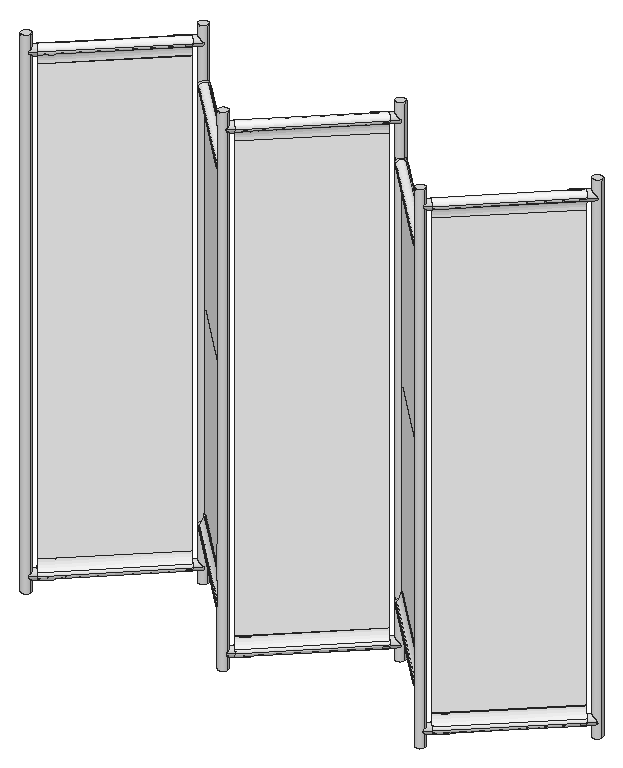
Revit family "Ceiba Screen", category Arredi, Revit 2015
Parameters (values of type "Incordata")
  Visibilità Bottoni = no
  URL = "http://www.livingdivani.it"
  Modello = "Ceiba Screen"
  Mat. Struttura = Steel, Polished
  Mat. Tessuto = Tessuto Incordato
  Mat. Bottoni = Liscia - Grigio chiaro
  Produttore = "LivingDivani"
  Codice Prodotto = "CEIP166S"
Types (3, lengths in cm): name | Visibilità Bottoni | Mat. Tessuto
  (no name) | no | Tessuto Incordato
  Stoffa | yes | Linen, Beige
  Incordata | no | Tessuto Incordato
Reference planes (cm)
  plane 1 "Centro (Fronte/Retro)": y = 0
  plane 2: z = 0
  plane 3 "Centro (Sinistra/Destra)": x = 0
  plane 4 "1diagonale": through (-32.5269, 14.1526, 120) normal (0.7071, -0.7071, 0)
  plane 5 "3diagonale": through (23, 4.6257, 120) normal (0.7071, -0.7071, 0)
  plane 6 "5diagonale": through (55.5269, -27.9012, 120) normal (0.7071, -0.7071, 0)
  plane 7 "2diagonale": through (-32.5269, 14.1526, 120) normal (0.7071, 0.7071, 0)
  plane 8 "4diagonale": through (32.5269, 14.1526, 120) normal (0.7071, 0.7071, 0)
  plane 9: z = 165
  plane 10: z = 82.5
  plane 11 "piano stoffa": through (-77.4309, -30.94, 156.2699) normal (-0.6892, 0.6892, 0.2237)
Forms (cm)
  Extrusion 1, solid, material "Steel, Polished" <- "Mat. Struttura"
    sketch origin (-27.3331, 114.5589, 0) x (1, 0, 0) y (0, 1, 0)
      loop
        circle (-5.1938, -100.4063) r 1.5
    from 0 to 165
  Extrusion 2, solid, material "Steel, Polished" <- "Mat. Struttura"
    sketch origin (-59.86, 82.032, 0) x (1, 0, 0) y (0, 1, 0)
      loop
        circle (-5.1938, -100.4063) r 1.5
    from 0 to 165
  Extrusion 3, solid, material "Steel, Polished" <- "Mat. Struttura"
    sketch origin (-43.0458, -61.42, 0) x (-0.707107, 0.707107, 0) y (0, 0, 1)
      loop
        circle (0, 5) r 1.5
    from 60.8759 to 106.8759
  Extrusion 4, solid, material "Steel, Polished" <- "Mat. Struttura"
    sketch origin (-5.1938, 82.032, 0) x (-1, 0, 0) y (0, -1, 0)
      loop
        circle (-5.1938, 100.4063) r 1.5
    from 0 to 165
  Extrusion 5, solid, material "Steel, Polished" <- "Mat. Struttura"
    sketch origin (27.3331, 114.5589, 0) x (-1, 0, 0) y (0, -1, 0)
      loop
        circle (-5.1938, 100.4063) r 1.5
    from 0 to 165
  Extrusion 6, solid, material "Steel, Polished" <- "Mat. Struttura"
    sketch origin (70.2476, 82.032, 0) x (1, 0, 0) y (0, 1, 0)
      loop
        circle (-5.1938, -100.4063) r 1.5
    from 0 to 165
  Extrusion 7, solid, material "Steel, Polished" <- "Mat. Struttura"
    sketch origin (-108.0996, -61.42, 0) x (-0.707107, 0.707107, 0) y (0, 0, 1)
      loop
        circle (0, 5) r 1.5
    from 60.8759 to 106.8759
  Extrusion 8, solid, material "Steel, Polished" <- "Mat. Struttura"
    sketch origin (22.0081, -61.42, 0) x (-0.707107, 0.707107, 0) y (0, 0, 1)
      loop
        circle (0, 5) r 1.5
    from 60.8759 to 106.8759
  Extrusion 9, solid, material "Steel, Polished" <- "Mat. Struttura"
    sketch origin (102.7746, 114.5589, 0) x (1, 0, 0) y (0, 1, 0)
      loop
        circle (-5.1938, -100.4063) r 1.5
    from 0 to 165
  Extrusion 10, solid, material "Steel, Polished" <- "Mat. Struttura"
    sketch origin (-10.5189, 57.1984, 152.5) x (0.707107, 0.707107, 0) y (0, 0, 1)
      loop
        circle (0, -5) r 1.5
    from 60.8759 to 106.8759
  Extrusion 11, solid, material "Steel, Polished" <- "Mat. Struttura"
    sketch origin (-75.5727, 57.1984, 152.5) x (0.707107, 0.707107, 0) y (0, 0, 1)
      loop
        circle (0, -5) r 1.5
    from 60.8759 to 106.8759
  Extrusion 12, solid, material "Steel, Polished" <- "Mat. Struttura"
    sketch origin (-43.0458, -61.42, 165) x (-0.707107, 0.707107, 0) y (0, 0, 1)
      loop
        circle (0, -5) r 1.5
    from 60.8759 to 106.8759
  Extrusion 13, solid, material "Steel, Polished" <- "Mat. Struttura"
    sketch origin (-108.0996, -61.42, 165) x (-0.707107, 0.707107, 0) y (0, 0, 1)
      loop
        circle (0, -5) r 1.5
    from 60.8759 to 106.8759
  Extrusion 14, solid, material "Steel, Polished" <- "Mat. Struttura"
    sketch origin (22.0081, -61.42, 165) x (-0.707107, 0.707107, 0) y (0, 0, 1)
      loop
        circle (0, -5) r 1.5
    from 60.8759 to 106.8759
  Extrusion 15, solid, material "Steel, Polished" <- "Mat. Struttura"
    sketch origin (-10.5189, 57.1984, 12.5) x (0.707107, 0.707107, 0) y (0, 0, 1)
      loop
        circle (0, 5) r 1.5
    from 60.8759 to 106.8759
  Extrusion 16, solid, material "Tessuto Incordato" <- "Mat. Tessuto"
    sketch origin (-9.1871, -9.1871, 0) x (-0.707107, 0.707107, 0) y (0, 0, 1)
      loop
        arc (34.5074, 160) -> (34.4248, 159.509) -> (34.186, 159.0721) r 1.5
        arc (34.186, 159.0721) -> (33.3104, 157.4702) -> (33.0074, 155.6699) r 5.5
        line (33.0074, 155.6699) -> (33.0074, 9.3301)
        arc (33.0074, 9.3301) -> (33.3104, 7.5298) -> (34.186, 5.9279) r 5.5
        arc (34.186, 5.9279) -> (34.4248, 5.491) -> (34.5074, 5) r 1.5
        arc (34.5074, 5) -> (33.0074, 3.5) -> (31.5074, 5) r 1.5
        arc (31.5074, 5) -> (31.5901, 5.491) -> (31.8289, 5.9279) r 1.5
        arc (31.8289, 5.9279) -> (32.6879, 7.4827) -> (33.0065, 9.2301) r 5.5
        line (33.0065, 9.2301) -> (32.9065, 9.2301)
        arc (32.9065, 9.2301) -> (32.5934, 7.5154) -> (31.7503, 5.9897) r 5.4
        arc (31.7503, 5.9897) -> (31.4956, 5.5237) -> (31.4074, 5) r 1.6
        arc (31.4074, 5) -> (33.0074, 3.4) -> (34.6074, 5) r 1.6
        arc (34.6074, 5) -> (34.5193, 5.5237) -> (34.2646, 5.9897) r 1.6
        arc (34.2646, 5.9897) -> (33.4049, 7.5626) -> (33.1074, 9.3301) r 5.4
        line (33.1074, 9.3301) -> (33.1074, 82.5) -> (33.1074, 155.6699)
        arc (33.1074, 155.6699) -> (33.4049, 157.4374) -> (34.2646, 159.0103) r 5.4
        arc (34.2646, 159.0103) -> (34.5193, 159.4763) -> (34.6074, 160) r 1.6
        arc (34.6074, 160) -> (33.0074, 161.6) -> (31.4074, 160) r 1.6
        arc (31.4074, 160) -> (31.4956, 159.4763) -> (31.7503, 159.0103) r 1.6
        arc (31.7503, 159.0103) -> (32.5934, 157.4846) -> (32.9065, 155.7699) r 5.4
        line (32.9065, 155.7699) -> (33.0065, 155.7699)
        arc (33.0065, 155.7699) -> (32.6879, 157.5173) -> (31.8289, 159.0721) r 5.5
        arc (31.8289, 159.0721) -> (31.5901, 159.509) -> (31.5074, 160) r 1.5
        arc (31.5074, 160) -> (33.0074, 161.5) -> (34.5074, 160) r 1.5
    from -43 to -3
  Extrusion 17, solid, material "Tessuto Incordato" <- "Mat. Tessuto"
    sketch origin (-9.1871, -9.1871, 0) x (-0.707107, 0.707107, 0) y (0, 0, 1)
      loop
        arc (-11.4926, 160) -> (-11.5752, 159.509) -> (-11.814, 159.0721) r 1.5
        arc (-11.814, 159.0721) -> (-12.6896, 157.4702) -> (-12.9926, 155.6699) r 5.5
        line (-12.9926, 155.6699) -> (-12.9926, 9.3301)
        arc (-12.9926, 9.3301) -> (-12.6896, 7.5298) -> (-11.814, 5.9279) r 5.5
        arc (-11.814, 5.9279) -> (-11.5752, 5.491) -> (-11.4926, 5) r 1.5
        arc (-11.4926, 5) -> (-12.9926, 3.5) -> (-14.4926, 5) r 1.5
        arc (-14.4926, 5) -> (-14.4099, 5.491) -> (-14.1711, 5.9279) r 1.5
        arc (-14.1711, 5.9279) -> (-13.3121, 7.4827) -> (-12.9935, 9.2301) r 5.5
        line (-12.9935, 9.2301) -> (-13.0935, 9.2301)
        arc (-13.0935, 9.2301) -> (-13.4066, 7.5154) -> (-14.2497, 5.9897) r 5.4
        arc (-14.2497, 5.9897) -> (-14.5044, 5.5237) -> (-14.5926, 5) r 1.6
        arc (-14.5926, 5) -> (-12.9926, 3.4) -> (-11.3926, 5) r 1.6
        arc (-11.3926, 5) -> (-11.4807, 5.5237) -> (-11.7354, 5.9897) r 1.6
        arc (-11.7354, 5.9897) -> (-12.5951, 7.5626) -> (-12.8926, 9.3301) r 5.4
        line (-12.8926, 9.3301) -> (-12.8926, 82.5) -> (-12.8926, 155.6699)
        arc (-12.8926, 155.6699) -> (-12.5951, 157.4374) -> (-11.7354, 159.0103) r 5.4
        arc (-11.7354, 159.0103) -> (-11.4807, 159.4763) -> (-11.3926, 160) r 1.6
        arc (-11.3926, 160) -> (-12.9926, 161.6) -> (-14.5926, 160) r 1.6
        arc (-14.5926, 160) -> (-14.5044, 159.4763) -> (-14.2497, 159.0103) r 1.6
        arc (-14.2497, 159.0103) -> (-13.4066, 157.4846) -> (-13.0935, 155.7699) r 5.4
        line (-13.0935, 155.7699) -> (-12.9935, 155.7699)
        arc (-12.9935, 155.7699) -> (-13.3121, 157.5173) -> (-14.1711, 159.0721) r 5.5
        arc (-14.1711, 159.0721) -> (-14.4099, 159.509) -> (-14.4926, 160) r 1.5
        arc (-14.4926, 160) -> (-12.9926, 161.5) -> (-11.4926, 160) r 1.5
    from 3 to 43
  Extrusion 18, solid, material "Tessuto Incordato" <- "Mat. Tessuto"
    sketch origin (23.3398, 23.3398, 0) x (-0.707107, 0.707107, 0) y (0, 0, 1)
      loop
        arc (-57.4926, 160) -> (-57.5752, 159.509) -> (-57.814, 159.0721) r 1.5
        arc (-57.814, 159.0721) -> (-58.6896, 157.4702) -> (-58.9926, 155.6699) r 5.5
        line (-58.9926, 155.6699) -> (-58.9926, 9.3301)
        arc (-58.9926, 9.3301) -> (-58.6896, 7.5298) -> (-57.814, 5.9279) r 5.5
        arc (-57.814, 5.9279) -> (-57.5752, 5.491) -> (-57.4926, 5) r 1.5
        arc (-57.4926, 5) -> (-58.9926, 3.5) -> (-60.4926, 5) r 1.5
        arc (-60.4926, 5) -> (-60.4099, 5.491) -> (-60.1711, 5.9279) r 1.5
        arc (-60.1711, 5.9279) -> (-59.3121, 7.4827) -> (-58.9935, 9.2301) r 5.5
        line (-58.9935, 9.2301) -> (-59.0935, 9.2301)
        arc (-59.0935, 9.2301) -> (-59.4066, 7.5154) -> (-60.2497, 5.9897) r 5.4
        arc (-60.2497, 5.9897) -> (-60.5044, 5.5237) -> (-60.5926, 5) r 1.6
        arc (-60.5926, 5) -> (-58.9926, 3.4) -> (-57.3926, 5) r 1.6
        arc (-57.3926, 5) -> (-57.4807, 5.5237) -> (-57.7354, 5.9897) r 1.6
        arc (-57.7354, 5.9897) -> (-58.5951, 7.5626) -> (-58.8926, 9.3301) r 5.4
        line (-58.8926, 9.3301) -> (-58.8926, 82.5) -> (-58.8926, 155.6699)
        arc (-58.8926, 155.6699) -> (-58.5951, 157.4374) -> (-57.7354, 159.0103) r 5.4
        arc (-57.7354, 159.0103) -> (-57.4807, 159.4763) -> (-57.3926, 160) r 1.6
        arc (-57.3926, 160) -> (-58.9926, 161.6) -> (-60.5926, 160) r 1.6
        arc (-60.5926, 160) -> (-60.5044, 159.4763) -> (-60.2497, 159.0103) r 1.6
        arc (-60.2497, 159.0103) -> (-59.4066, 157.4846) -> (-59.0935, 155.7699) r 5.4
        line (-59.0935, 155.7699) -> (-58.9935, 155.7699)
        arc (-58.9935, 155.7699) -> (-59.3121, 157.5173) -> (-60.1711, 159.0721) r 5.5
        arc (-60.1711, 159.0721) -> (-60.4099, 159.509) -> (-60.4926, 160) r 1.5
        arc (-60.4926, 160) -> (-58.9926, 161.5) -> (-57.4926, 160) r 1.5
    from 3 to 43
  Extrusion 19, solid, material "Steel, Polished" <- "Mat. Struttura"
    sketch origin (-75.5727, 57.1984, 12.5) x (0.707107, 0.707107, 0) y (0, 0, 1)
      loop
        circle (0, 5) r 1.5
    from 60.8759 to 106.8759
  Extrusion 20, solid, material "Tessuto Incordato" <- "Mat. Tessuto"
    sketch origin (-23.3398, 23.3398, 0) x (0.707107, 0.707107, 0) y (0, 0, 1)
      loop
        arc (-11.4926, 147.5) -> (-11.5752, 147.009) -> (-11.814, 146.5721) r 1.5
        arc (-11.814, 146.5721) -> (-12.6896, 144.9702) -> (-12.9926, 143.1699) r 5.5
        line (-12.9926, 143.1699) -> (-12.9926, 82.5) -> (-12.9926, 21.8301)
        arc (-12.9926, 21.8301) -> (-12.6896, 20.0298) -> (-11.814, 18.4279) r 5.5
        arc (-11.814, 18.4279) -> (-11.5752, 17.991) -> (-11.4926, 17.5) r 1.5
        arc (-11.4926, 17.5) -> (-12.9926, 16) -> (-14.4926, 17.5) r 1.5
        arc (-14.4926, 17.5) -> (-14.4099, 17.991) -> (-14.1711, 18.4279) r 1.5
        arc (-14.1711, 18.4279) -> (-13.3121, 19.9827) -> (-12.9935, 21.7301) r 5.5
        line (-12.9935, 21.7301) -> (-13.0935, 21.7301)
        arc (-13.0935, 21.7301) -> (-13.4066, 20.0154) -> (-14.2497, 18.4897) r 5.4
        arc (-14.2497, 18.4897) -> (-14.5044, 18.0237) -> (-14.5926, 17.5) r 1.6
        arc (-14.5926, 17.5) -> (-12.9926, 15.9) -> (-11.3926, 17.5) r 1.6
        arc (-11.3926, 17.5) -> (-11.4807, 18.0237) -> (-11.7354, 18.4897) r 1.6
        arc (-11.7354, 18.4897) -> (-12.5951, 20.0626) -> (-12.8926, 21.8301) r 5.4
        line (-12.8926, 21.8301) -> (-12.8926, 82.5) -> (-12.8926, 143.1699)
        arc (-12.8926, 143.1699) -> (-12.5951, 144.9374) -> (-11.7354, 146.5103) r 5.4
        arc (-11.7354, 146.5103) -> (-11.4807, 146.9763) -> (-11.3926, 147.5) r 1.6
        arc (-11.3926, 147.5) -> (-12.9926, 149.1) -> (-14.5926, 147.5) r 1.6
        arc (-14.5926, 147.5) -> (-14.5044, 146.9763) -> (-14.2497, 146.5103) r 1.6
        arc (-14.2497, 146.5103) -> (-13.4066, 144.9846) -> (-13.0935, 143.2699) r 5.4
        line (-13.0935, 143.2699) -> (-12.9935, 143.2699)
        arc (-12.9935, 143.2699) -> (-13.3121, 145.0173) -> (-14.1711, 146.5721) r 5.5
        arc (-14.1711, 146.5721) -> (-14.4099, 147.009) -> (-14.4926, 147.5) r 1.5
        arc (-14.4926, 147.5) -> (-12.9926, 149) -> (-11.4926, 147.5) r 1.5
    from 3 to 43
  Extrusion 21, solid, material "Liscia - Grigio chiaro" <- "Mat. Bottoni", visible <- "Visibilità Bottoni"
    sketch origin (-44.293, 48.0524, 14.9856) x (-0.158166, 0.158166, -0.974663) y (-0.707107, -0.707107, 0)
      loop
        circle (-145.5625, 51.3509) r 0.6
    from -0.1 to 0
  Extrusion 22, solid, material "Liscia - Grigio chiaro" <- "Mat. Bottoni", visible <- "Visibilità Bottoni"
    sketch origin (-38.0704, 54.275, 14.9856) x (-0.158166, 0.158166, -0.974663) y (-0.707107, -0.707107, 0)
      loop
        circle (-145.5625, 51.3509) r 0.6
    from -0.1 to 0
  Extrusion 23, solid, material "Liscia - Grigio chiaro" <- "Mat. Bottoni", visible <- "Visibilità Bottoni"
    sketch origin (-31.8479, 60.4975, 14.9856) x (-0.158166, 0.158166, -0.974663) y (-0.707107, -0.707107, 0)
      loop
        circle (-145.5625, 51.3509) r 0.6
    from -0.1 to 0
  Extrusion 24, solid, material "Liscia - Grigio chiaro" <- "Mat. Bottoni", visible <- "Visibilità Bottoni"
    sketch origin (-25.6253, 66.7201, 14.9856) x (-0.158166, 0.158166, -0.974663) y (-0.707107, -0.707107, 0)
      loop
        circle (-145.5625, 51.3509) r 0.6
    from -0.1 to 0
  Extrusion 25, solid, material "Liscia - Grigio chiaro" <- "Mat. Bottoni", visible <- "Visibilità Bottoni"
    sketch origin (-44.293, 48.0524, 150.0144) x (-0.158166, 0.158166, 0.974663) y (0.707107, 0.707107, 0)
      loop
        circle (-145.5625, -51.3509) r 0.6
    from -0.1 to 0
  Extrusion 26, solid, material "Liscia - Grigio chiaro" <- "Mat. Bottoni", visible <- "Visibilità Bottoni"
    sketch origin (-38.0704, 54.275, 150.0144) x (-0.158166, 0.158166, 0.974663) y (0.707107, 0.707107, 0)
      loop
        circle (-145.5625, -51.3509) r 0.6
    from -0.1 to 0
  Extrusion 27, solid, material "Liscia - Grigio chiaro" <- "Mat. Bottoni", visible <- "Visibilità Bottoni"
    sketch origin (-31.8479, 60.4975, 150.0144) x (-0.158166, 0.158166, 0.974663) y (0.707107, 0.707107, 0)
      loop
        circle (-145.5625, -51.3509) r 0.6
    from -0.1 to 0
  Extrusion 28, solid, material "Liscia - Grigio chiaro" <- "Mat. Bottoni", visible <- "Visibilità Bottoni"
    sketch origin (-25.6253, 66.7201, 150.0144) x (-0.158166, 0.158166, 0.974663) y (0.707107, 0.707107, 0)
      loop
        circle (-145.5625, -51.3509) r 0.6
    from -0.1 to 0
  Extrusion 29, solid, material "Liscia - Grigio chiaro" <- "Mat. Bottoni", visible <- "Visibilità Bottoni"
    sketch origin (20.7609, 48.0524, 150.0144) x (-0.158166, 0.158166, 0.974663) y (0.707107, 0.707107, 0)
      loop
        circle (-145.5625, -51.3509) r 0.6
    from -0.1 to 0
  Extrusion 30, solid, material "Liscia - Grigio chiaro" <- "Mat. Bottoni", visible <- "Visibilità Bottoni"
    sketch origin (26.9834, 54.275, 150.0144) x (-0.158166, 0.158166, 0.974663) y (0.707107, 0.707107, 0)
      loop
        circle (-145.5625, -51.3509) r 0.6
    from -0.1 to 0
  Extrusion 31, solid, material "Liscia - Grigio chiaro" <- "Mat. Bottoni", visible <- "Visibilità Bottoni"
    sketch origin (33.2059, 60.4975, 150.0144) x (-0.158166, 0.158166, 0.974663) y (0.707107, 0.707107, 0)
      loop
        circle (-145.5625, -51.3509) r 0.6
    from -0.1 to 0
  Extrusion 32, solid, material "Liscia - Grigio chiaro" <- "Mat. Bottoni", visible <- "Visibilità Bottoni"
    sketch origin (39.4285, 66.7201, 150.0144) x (-0.158166, 0.158166, 0.974663) y (0.707107, 0.707107, 0)
      loop
        circle (-145.5625, -51.3509) r 0.6
    from -0.1 to 0
  Extrusion 33, solid, material "Liscia - Grigio chiaro" <- "Mat. Bottoni", visible <- "Visibilità Bottoni"
    sketch origin (20.7609, 48.0524, 14.9856) x (-0.158166, 0.158166, -0.974663) y (-0.707107, -0.707107, 0)
      loop
        circle (-145.5625, 51.3509) r 0.6
    from -0.1 to 0
  Extrusion 34, solid, material "Liscia - Grigio chiaro" <- "Mat. Bottoni", visible <- "Visibilità Bottoni"
    sketch origin (26.9834, 54.275, 14.9856) x (-0.158166, 0.158166, -0.974663) y (-0.707107, -0.707107, 0)
      loop
        circle (-145.5625, 51.3509) r 0.6
    from -0.1 to 0
  Extrusion 35, solid, material "Liscia - Grigio chiaro" <- "Mat. Bottoni", visible <- "Visibilità Bottoni"
    sketch origin (33.2059, 60.4975, 14.9856) x (-0.158166, 0.158166, -0.974663) y (-0.707107, -0.707107, 0)
      loop
        circle (-145.5625, 51.3509) r 0.6
    from -0.1 to 0
  Extrusion 36, solid, material "Liscia - Grigio chiaro" <- "Mat. Bottoni", visible <- "Visibilità Bottoni"
    sketch origin (39.4285, 66.7201, 14.9856) x (-0.158166, 0.158166, -0.974663) y (-0.707107, -0.707107, 0)
      loop
        circle (-145.5625, 51.3509) r 0.6
    from -0.1 to 0
  Extrusion 37, solid, material "Liscia - Grigio chiaro" <- "Mat. Bottoni", visible <- "Visibilità Bottoni"
    sketch origin (85.8147, 48.0524, 150.0144) x (-0.158166, 0.158166, 0.974663) y (0.707107, 0.707107, 0)
      loop
        circle (-145.5625, -51.3509) r 0.6
    from -0.1 to 0
  Extrusion 38, solid, material "Liscia - Grigio chiaro" <- "Mat. Bottoni", visible <- "Visibilità Bottoni"
    sketch origin (92.0372, 54.275, 150.0144) x (-0.158166, 0.158166, 0.974663) y (0.707107, 0.707107, 0)
      loop
        circle (-145.5625, -51.3509) r 0.6
    from -0.1 to 0
  Extrusion 39, solid, material "Liscia - Grigio chiaro" <- "Mat. Bottoni", visible <- "Visibilità Bottoni"
    sketch origin (98.2598, 60.4975, 150.0144) x (-0.158166, 0.158166, 0.974663) y (0.707107, 0.707107, 0)
      loop
        circle (-145.5625, -51.3509) r 0.6
    from -0.1 to 0
  Extrusion 40, solid, material "Liscia - Grigio chiaro" <- "Mat. Bottoni", visible <- "Visibilità Bottoni"
    sketch origin (104.4823, 66.7201, 150.0144) x (-0.158166, 0.158166, 0.974663) y (0.707107, 0.707107, 0)
      loop
        circle (-145.5625, -51.3509) r 0.6
    from -0.1 to 0
  Extrusion 41, solid, material "Liscia - Grigio chiaro" <- "Mat. Bottoni", visible <- "Visibilità Bottoni"
    sketch origin (85.8147, 48.0524, 14.9856) x (-0.158166, 0.158166, -0.974663) y (-0.707107, -0.707107, 0)
      loop
        circle (-145.5625, 51.3509) r 0.6
    from -0.1 to 0
  Extrusion 42, solid, material "Liscia - Grigio chiaro" <- "Mat. Bottoni", visible <- "Visibilità Bottoni"
    sketch origin (92.0372, 54.275, 14.9856) x (-0.158166, 0.158166, -0.974663) y (-0.707107, -0.707107, 0)
      loop
        circle (-145.5625, 51.3509) r 0.6
    from -0.1 to 0
  Extrusion 43, solid, material "Liscia - Grigio chiaro" <- "Mat. Bottoni", visible <- "Visibilità Bottoni"
    sketch origin (98.2598, 60.4975, 14.9856) x (-0.158166, 0.158166, -0.974663) y (-0.707107, -0.707107, 0)
      loop
        circle (-145.5625, 51.3509) r 0.6
    from -0.1 to 0
  Extrusion 44, solid, material "Liscia - Grigio chiaro" <- "Mat. Bottoni", visible <- "Visibilità Bottoni"
    sketch origin (104.4823, 66.7201, 14.9856) x (-0.158166, 0.158166, -0.974663) y (-0.707107, -0.707107, 0)
      loop
        circle (-145.5625, 51.3509) r 0.6
    from -0.1 to 0
  Extrusion 45, solid, material "Liscia - Grigio chiaro" <- "Mat. Bottoni", visible <- "Visibilità Bottoni"
    sketch origin (-20.7609, 48.0524, 162.5144) x (0.158166, 0.158166, 0.974663) y (0.707107, -0.707107, 0)
      loop
        circle (-145.5625, 51.3509) r 0.6
    from -0.1 to 0
  Extrusion 46, solid, material "Liscia - Grigio chiaro" <- "Mat. Bottoni", visible <- "Visibilità Bottoni"
    sketch origin (-26.9834, 54.275, 162.5144) x (0.158166, 0.158166, 0.974663) y (0.707107, -0.707107, 0)
      loop
        circle (-145.5625, 51.3509) r 0.6
    from -0.1 to 0
  Extrusion 47, solid, material "Liscia - Grigio chiaro" <- "Mat. Bottoni", visible <- "Visibilità Bottoni"
    sketch origin (-33.2059, 60.4975, 162.5144) x (0.158166, 0.158166, 0.974663) y (0.707107, -0.707107, 0)
      loop
        circle (-145.5625, 51.3509) r 0.6
    from -0.1 to 0
  Extrusion 48, solid, material "Liscia - Grigio chiaro" <- "Mat. Bottoni", visible <- "Visibilità Bottoni"
    sketch origin (-39.4285, 66.7201, 162.5144) x (0.158166, 0.158166, 0.974663) y (0.707107, -0.707107, 0)
      loop
        circle (-145.5625, 51.3509) r 0.6
    from -0.1 to 0
  Extrusion 49, solid, material "Liscia - Grigio chiaro" <- "Mat. Bottoni", visible <- "Visibilità Bottoni"
    sketch origin (-20.7609, 48.0524, 2.4856) x (0.158166, 0.158166, -0.974663) y (-0.707107, 0.707107, 0)
      loop
        circle (-145.5625, -51.3509) r 0.6
    from -0.1 to 0
  Extrusion 50, solid, material "Liscia - Grigio chiaro" <- "Mat. Bottoni", visible <- "Visibilità Bottoni"
    sketch origin (-26.9834, 54.275, 2.4856) x (0.158166, 0.158166, -0.974663) y (-0.707107, 0.707107, 0)
      loop
        circle (-145.5625, -51.3509) r 0.6
    from -0.1 to 0
  Extrusion 51, solid, material "Liscia - Grigio chiaro" <- "Mat. Bottoni", visible <- "Visibilità Bottoni"
    sketch origin (-33.2059, 60.4975, 2.4856) x (0.158166, 0.158166, -0.974663) y (-0.707107, 0.707107, 0)
      loop
        circle (-145.5625, -51.3509) r 0.6
    from -0.1 to 0
  Extrusion 52, solid, material "Liscia - Grigio chiaro" <- "Mat. Bottoni", visible <- "Visibilità Bottoni"
    sketch origin (-39.4285, 66.7201, 2.4856) x (0.158166, 0.158166, -0.974663) y (-0.707107, 0.707107, 0)
      loop
        circle (-145.5625, -51.3509) r 0.6
    from -0.1 to 0
  Extrusion 53, solid, material "Liscia - Grigio chiaro" <- "Mat. Bottoni", visible <- "Visibilità Bottoni"
    sketch origin (44.293, 48.0524, 162.5144) x (0.158166, 0.158166, 0.974663) y (0.707107, -0.707107, 0)
      loop
        circle (-145.5625, 51.3509) r 0.6
    from -0.1 to 0
  Extrusion 54, solid, material "Liscia - Grigio chiaro" <- "Mat. Bottoni", visible <- "Visibilità Bottoni"
    sketch origin (38.0704, 54.275, 162.5144) x (0.158166, 0.158166, 0.974663) y (0.707107, -0.707107, 0)
      loop
        circle (-145.5625, 51.3509) r 0.6
    from -0.1 to 0
  Extrusion 55, solid, material "Liscia - Grigio chiaro" <- "Mat. Bottoni", visible <- "Visibilità Bottoni"
    sketch origin (31.8479, 60.4975, 162.5144) x (0.158166, 0.158166, 0.974663) y (0.707107, -0.707107, 0)
      loop
        circle (-145.5625, 51.3509) r 0.6
    from -0.1 to 0
  Extrusion 56, solid, material "Liscia - Grigio chiaro" <- "Mat. Bottoni", visible <- "Visibilità Bottoni"
    sketch origin (25.6253, 66.7201, 162.5144) x (0.158166, 0.158166, 0.974663) y (0.707107, -0.707107, 0)
      loop
        circle (-145.5625, 51.3509) r 0.6
    from -0.1 to 0
  Extrusion 57, solid, material "Liscia - Grigio chiaro" <- "Mat. Bottoni", visible <- "Visibilità Bottoni"
    sketch origin (44.293, 48.0524, 2.4856) x (0.158166, 0.158166, -0.974663) y (-0.707107, 0.707107, 0)
      loop
        circle (-145.5625, -51.3509) r 0.6
    from -0.1 to 0
  Extrusion 58, solid, material "Liscia - Grigio chiaro" <- "Mat. Bottoni", visible <- "Visibilità Bottoni"
    sketch origin (38.0704, 54.275, 2.4856) x (0.158166, 0.158166, -0.974663) y (-0.707107, 0.707107, 0)
      loop
        circle (-145.5625, -51.3509) r 0.6
    from -0.1 to 0
  Extrusion 59, solid, material "Liscia - Grigio chiaro" <- "Mat. Bottoni", visible <- "Visibilità Bottoni"
    sketch origin (31.8479, 60.4975, 2.4856) x (0.158166, 0.158166, -0.974663) y (-0.707107, 0.707107, 0)
      loop
        circle (-145.5625, -51.3509) r 0.6
    from -0.1 to 0
  Extrusion 60, solid, material "Liscia - Grigio chiaro" <- "Mat. Bottoni", visible <- "Visibilità Bottoni"
    sketch origin (25.6253, 66.7201, 2.4856) x (0.158166, 0.158166, -0.974663) y (-0.707107, 0.707107, 0)
      loop
        circle (-145.5625, -51.3509) r 0.6
    from -0.1 to 0
  Extrusion 61, solid, material "Tessuto Incordato" <- "Mat. Tessuto"
    sketch origin (9.1871, -9.1871, 0) x (0.707107, 0.707107, 0) y (0, 0, 1)
      loop
        arc (34.5074, 147.5) -> (34.4248, 147.009) -> (34.186, 146.5721) r 1.5
        arc (34.186, 146.5721) -> (33.3104, 144.9702) -> (33.0074, 143.1699) r 5.5
        line (33.0074, 143.1699) -> (33.0074, 82.5) -> (33.0074, 21.8301)
        arc (33.0074, 21.8301) -> (33.3104, 20.0298) -> (34.186, 18.4279) r 5.5
        arc (34.186, 18.4279) -> (34.4248, 17.991) -> (34.5074, 17.5) r 1.5
        arc (34.5074, 17.5) -> (33.0074, 16) -> (31.5074, 17.5) r 1.5
        arc (31.5074, 17.5) -> (31.5901, 17.991) -> (31.8289, 18.4279) r 1.5
        arc (31.8289, 18.4279) -> (32.6879, 19.9827) -> (33.0065, 21.7301) r 5.5
        line (33.0065, 21.7301) -> (32.9065, 21.7301)
        arc (32.9065, 21.7301) -> (32.5934, 20.0154) -> (31.7503, 18.4897) r 5.4
        arc (31.7503, 18.4897) -> (31.4956, 18.0237) -> (31.4074, 17.5) r 1.6
        arc (31.4074, 17.5) -> (33.0074, 15.9) -> (34.6074, 17.5) r 1.6
        arc (34.6074, 17.5) -> (34.5193, 18.0237) -> (34.2646, 18.4897) r 1.6
        arc (34.2646, 18.4897) -> (33.4049, 20.0626) -> (33.1074, 21.8301) r 5.4
        line (33.1074, 21.8301) -> (33.1074, 82.5) -> (33.1074, 143.1699)
        arc (33.1074, 143.1699) -> (33.4049, 144.9374) -> (34.2646, 146.5103) r 5.4
        arc (34.2646, 146.5103) -> (34.5193, 146.9763) -> (34.6074, 147.5) r 1.6
        arc (34.6074, 147.5) -> (33.0074, 149.1) -> (31.4074, 147.5) r 1.6
        arc (31.4074, 147.5) -> (31.4956, 146.9763) -> (31.7503, 146.5103) r 1.6
        arc (31.7503, 146.5103) -> (32.5934, 144.9846) -> (32.9065, 143.2699) r 5.4
        line (32.9065, 143.2699) -> (33.0065, 143.2699)
        arc (33.0065, 143.2699) -> (32.6879, 145.0173) -> (31.8289, 146.5721) r 5.5
        arc (31.8289, 146.5721) -> (31.5901, 147.009) -> (31.5074, 147.5) r 1.5
        arc (31.5074, 147.5) -> (33.0074, 149) -> (34.5074, 147.5) r 1.5
    from 3 to 43
Lines and regions (cm)
  reference lines
    curve 1: line (-63.1042, -18.2026, 0) -> (-63.9218, -17.385, 0)
Dimensions and locks (cm)
  aligned and locked: level to plane 2
